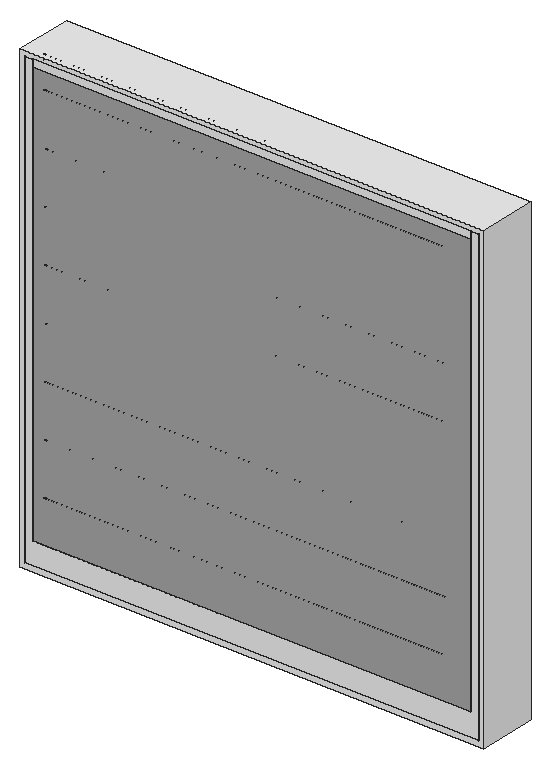
Revit family
Parameters (values of type "Louver_Drnable-Hd_EFJ-637-HP_All-Lite")
  URL = "http://www.alllite-louvers.com"
  Specifications = "http://www.alllite-louvers.com/catalog/AEFJ-637-hp-csi-specification.doc"
  Spacing = 0.458 ft
  SmartBIM Object Version = 3  # constant formula
  SmartBIM Object Created By = "Reed Construction Data"  # constant formula
  Shim Thickness = 0.042 ft
  Screen Width = Width - (2 * Shim Thickness)  # 3.916 ft
  Screen Height = Height - (2 * Shim Thickness) - 0.198333 ft  # 3.717667 ft
  Screen = Aluminum
  Rough Width = 0.0 ft
  Rough Height = 0.0 ft
  Product URL = "http://www.alllite-louvers.com/catalog.php?model=EFJ-637-HP"
  Pressure Loss (in.wg.) = "0.12"
  OmniClass Title = "Exterior Louvers and Grilles"  # constant formula
  OmniClass Code = "23-60 11 17"  # constant formula
  Model Number = "EFJ-637-HP"  # constant formula
  Model = ""
  Minimum Size = "4.5\" x 8.5\""
  Maximum Size - Single Section = "60\" x 120\" or 120\" x 60\""
  Maximum Size - Multiple Section = "Unlimited"
  Manufacturer = "All-Lite"  # constant formula
  Louver Width = Width - (2 * Shim Thickness) - 2 * 0.072917 ft  # 3.770167 ft
  Louver = Mill finish, 6063-T5 Extruded Aluminum
  Installation = "http://www.alllite-louvers.com/catalog/Installation.pdf"
  Height = 4.0 ft
  Free Area for 48”x48” Louver = "56.3%"
  Free Area Velocity (fpm) = "915"
  Free Area (ft²) for 48"x48" Louver = 9.0 ft
  Frame = Mill finish, 6063-T5 Extruded Aluminum
  Default Sill Height = 3.0 ft
  Wall Closure = (empty or 0)
  Width = 4.0 ft
  Cut Sheet = "http://www.alllite-louvers.com/catalog/AEFJ637HP.pdf  "
  Assembly Code = "B2010300"
  Air Volume Delivered (cfm) = "8,226"
  95 CSI = "10200 "  # constant formula
  04 CSI = "08 91 00"  # constant formula
  # of Louvers = (Height - 0.25 ft) / (Spacing)  # 8
Reference planes (ft)
  plane 1 "Center (Front/Back)": y = 0
  plane 2: z = 0.291667
  plane 3 "Center (Left/Right)": x = 0
  plane 4 "Left": x = -2
  plane 5 "Right": x = 2
  plane 6 "Sill": z = 3.291667
  plane 7 "Top": z = 7.291667
  plane 8: x = -1.958
  plane 9: x = 1.958
  plane 10: z = 7.249667
  plane 11: z = 3.333667
  plane 12: z = 5.291667
  plane 13: z = 3.417
  plane 14: z = 3.458667
  plane 15: z = 7.166333
  plane 16: z = 7.124667
  plane 17: z = 7.062167
Forms (ft)
  Sweep 1, solid, material "Mill finish, 6063-T5 Extruded Aluminum" <- "Frame"
    path origin (-5, 0.333333, 0) x (-1, 0, 0) y (0, 0, 1)
      loop
        line (-6.890292, 7.249667) -> (-3.109708, 7.249667)
    profile "Head Horizontal Mullion : Head Horizontal Mullion" origin (0, 0.333333, 7.249667) x (0, 0, 1) y (0, 1, 0)
      loop
        line (-0.083333, -0.00675) -> (-0.142259, -0.065676) -> (-0.137486, -0.070449) -> (-0.080537, -0.0135) -> (-0.00675, -0.0135) -> (-0.00675, -0.071625)
        arc (-0.00675, -0.071625) -> (-0.007739, -0.074011) -> (-0.010125, -0.075) r 0.003375
        line (-0.010125, -0.075) -> (-0.027583, -0.075) -> (-0.027583, -0.08175) -> (-0.307684, -0.08175) -> (-0.307684, -0.0135) -> (-0.231101, -0.0135) -> (-0.231101, -0.00675) -> (-0.314434, -0.00675) -> (-0.314434, -0.0885) -> (-0.206564, -0.0885)
        arc (-0.206564, -0.0885) -> (-0.204178, -0.089489) -> (-0.203189, -0.091875) r 0.003375
        line (-0.203189, -0.091875) -> (-0.203189, -0.104254)
        arc (-0.203189, -0.104254) -> (-0.203748, -0.106115) -> (-0.20524, -0.107359) r 0.003375
        arc (-0.20524, -0.107359) -> (-0.213421, -0.117587) -> (-0.209404, -0.130053) r 0.013833
        arc (-0.209404, -0.130053) -> (-0.205743, -0.130726) -> (-0.203689, -0.127621) r 0.003375
        arc (-0.203689, -0.127621) -> (-0.203959, -0.126299) -> (-0.204725, -0.125188) r 0.003375
        arc (-0.204725, -0.125188) -> (-0.199814, -0.113) -> (-0.194904, -0.125188) r 0.007083
        arc (-0.194904, -0.125188) -> (-0.19567, -0.126299) -> (-0.195939, -0.127621) r 0.003375
        arc (-0.195939, -0.127621) -> (-0.193886, -0.130726) -> (-0.190225, -0.130053) r 0.003375
        arc (-0.190225, -0.130053) -> (-0.186208, -0.117587) -> (-0.194388, -0.107359) r 0.013833
        arc (-0.194388, -0.107359) -> (-0.19588, -0.106115) -> (-0.196439, -0.104254) r 0.003375
        line (-0.196439, -0.104254) -> (-0.196439, -0.091875)
        arc (-0.196439, -0.091875) -> (-0.195451, -0.089489) -> (-0.193064, -0.0885) r 0.003375
        line (-0.193064, -0.0885) -> (-0.06925, -0.0885) -> (-0.06925, -0.09525) -> (-0.046442, -0.09525)
        arc (-0.046442, -0.09525) -> (-0.044055, -0.096239) -> (-0.043067, -0.098625) r 0.003375
        line (-0.043067, -0.098625) -> (-0.043067, -0.104254)
        arc (-0.043067, -0.104254) -> (-0.043626, -0.106115) -> (-0.045118, -0.107359) r 0.003375
        arc (-0.045118, -0.107359) -> (-0.053298, -0.117587) -> (-0.049281, -0.130053) r 0.013833
        arc (-0.049281, -0.130053) -> (-0.04562, -0.130726) -> (-0.043567, -0.127621) r 0.003375
        arc (-0.043567, -0.127621) -> (-0.043836, -0.126299) -> (-0.044602, -0.125188) r 0.003375
        arc (-0.044602, -0.125188) -> (-0.039692, -0.113) -> (-0.034781, -0.125188) r 0.007083
        arc (-0.034781, -0.125188) -> (-0.035547, -0.126299) -> (-0.035817, -0.127621) r 0.003375
        arc (-0.035817, -0.127621) -> (-0.033763, -0.130726) -> (-0.030102, -0.130053) r 0.003375
        arc (-0.030102, -0.130053) -> (-0.026085, -0.117587) -> (-0.034266, -0.107359) r 0.013833
        arc (-0.034266, -0.107359) -> (-0.035758, -0.106115) -> (-0.036317, -0.104254) r 0.003375
        line (-0.036317, -0.104254) -> (-0.036317, -0.098625)
        arc (-0.036317, -0.098625) -> (-0.035328, -0.096239) -> (-0.032942, -0.09525) r 0.003375
        line (-0.032942, -0.09525) -> (-0.00675, -0.09525) -> (-0.00675, -0.384167)
        arc (-0.00675, -0.384167) -> (-0.007739, -0.386553) -> (-0.010125, -0.387542) r 0.003375
        line (-0.010125, -0.387542) -> (-0.023858, -0.387542)
        arc (-0.023858, -0.387542) -> (-0.025719, -0.386983) -> (-0.026963, -0.385491) r 0.003375
        arc (-0.026963, -0.385491) -> (-0.037191, -0.37731) -> (-0.049657, -0.381327) r 0.013833
        arc (-0.049657, -0.381327) -> (-0.05033, -0.384988) -> (-0.047225, -0.387042) r 0.003375
        arc (-0.047225, -0.387042) -> (-0.045903, -0.386772) -> (-0.044793, -0.386006) r 0.003375
        arc (-0.044793, -0.386006) -> (-0.032604, -0.390917) -> (-0.044793, -0.395827) r 0.007083
        arc (-0.044793, -0.395827) -> (-0.045903, -0.395061) -> (-0.047225, -0.394792) r 0.003375
        arc (-0.047225, -0.394792) -> (-0.05033, -0.396845) -> (-0.049657, -0.400506) r 0.003375
        arc (-0.049657, -0.400506) -> (-0.037191, -0.404523) -> (-0.026963, -0.396343) r 0.013833
        arc (-0.026963, -0.396343) -> (-0.025719, -0.394851) -> (-0.023858, -0.394292) r 0.003375
        line (-0.023858, -0.394292) -> (-0.010125, -0.394292)
        arc (-0.010125, -0.394292) -> (-0.007739, -0.39528) -> (-0.00675, -0.397667) r 0.003375
        line (-0.00675, -0.397667) -> (-0.00675, -0.49325) -> (-0.0625, -0.49325) -> (-0.0625, -0.5) -> (0, -0.5) -> (0, -0.00675) -> (-0.083333, -0.00675)
  Sweep 2, solid, material "Mill finish, 6063-T5 Extruded Aluminum" <- "Frame"
    path origin (-5, 0.333333, 0) x (-1, 0, 0) y (0, 0, 1)
      loop
        line (-6.958, 3.333667) -> (-3.042, 3.333667)
    profile "Horizontal Mullion : Horizontal Mullion" origin (0, 0.333333, 3.333667) x (0, 0, 1) y (0, 1, 0)
      loop
        line (0.076583, -0.00675) -> (0.076583, -0.49325) -> (0.00675, -0.49325) -> (0.00675, -0.458333) -> (0, -0.458333) -> (0, -0.5) -> (0.197917, -0.5) -> (0.197917, -0.49325) -> (0.083333, -0.49325) -> (0.083333, 0) -> (0, 0) -> (0, -0.041667) -> (0.00675, -0.041667) -> (0.00675, -0.00675) -> (0.076583, -0.00675)
  Sweep 3, solid, material "Mill finish, 6063-T5 Extruded Aluminum" <- "Frame"
    path origin (-5, 0.333333, 0) x (-1, 0, 0) y (0, 0, 1)
      loop
        line (-6.958, 3.417) -> (-6.958, 7.249667)
    profile "Vertical Mullion : Vertical Mullion" origin (1.958, 0.333333, 5.333333) x (1, 0, 0) y (0, 1, 0)
      loop
        line (-0.067708, -0.08175) -> (-0.067708, -0.5) -> (0, -0.5) -> (0, -0.472417) -> (-0.00675, -0.472417) -> (-0.00675, -0.49325) -> (-0.060958, -0.49325) -> (-0.060958, -0.0885) -> (0, -0.0885) -> (0, 0) -> (-0.083333, 0) -> (-0.083333, -0.00675) -> (-0.067708, -0.00675) -> (-0.067708, -0.022375) -> (-0.060958, -0.022375) -> (-0.060958, -0.00675) -> (-0.00675, -0.00675) -> (-0.00675, -0.08175) -> (-0.067708, -0.08175)
  Sweep 4, solid, material "Mill finish, 6063-T5 Extruded Aluminum" <- "Frame"
    path origin (5, 0.333333, 0) x (1, 0, 0) y (0, 0, -1)
      loop
        line (-6.958, -3.417) -> (-6.958, -7.249667)
    profile "Vertical Mullion : Vertical Mullion" origin (-1.958, 0.333333, 5.333333) x (1, 0, 0) y (0, 1, 0)
      loop
        line (0.067708, -0.08175) -> (0.00675, -0.08175) -> (0.00675, -0.00675) -> (0.060958, -0.00675) -> (0.060958, -0.022375) -> (0.067708, -0.022375) -> (0.067708, -0.00675) -> (0.083333, -0.00675) -> (0.083333, 0) -> (0, 0) -> (0, -0.0885) -> (0.060958, -0.0885) -> (0.060958, -0.49325) -> (0.00675, -0.49325) -> (0.00675, -0.472417) -> (0, -0.472417) -> (0, -0.5) -> (0.067708, -0.5) -> (0.067708, -0.08175)
  Sweep 5, solid, material "Mill finish, 6063-T5 Extruded Aluminum" <- "Frame"
    path origin (-5, 0.333333, 0) x (-1, 0, 0) y (0, 0, 1)
      loop
        line (-3, 7.291667) -> (-7, 7.291667) -> (-7, 3.291667) -> (-3, 3.291667) -> (-3, 7.291667)
    profile origin (-2, 0.333333, 5.291667) x (0, 1, 0) y (-1, 0, 0)
      loop
        line (0, 0) -> (-0.5, 0) -> (-0.5, -0.042) -> (0, -0.042) -> (0, 0)
  Extrusion 6, solid, material "Aluminum" <- "Screen"
    sketch origin (1.458333, 0, 3.416667) x (0, 0, 1) y (-1, 0, 0)
      loop
        line (0.114917, -0.431958) -> (3.833, -0.431958) -> (3.833, 3.348625) -> (0.114917, 3.348625) -> (0.114917, -0.431958)
    from 0.159917 to 0.166667
Cuts and joins
  joined: Sweep 2, Sweep 3, Sweep 4
Lines and regions (ft)
  Opening 1
    outline origin (-5, -0.333333, 0) x (1, 0, 0) y (0, 0, 1)
      loop
        line (3, 7.291667) -> (3, 3.291667) -> (7, 3.291667) -> (7, 7.291667) -> (3, 7.291667)
  Masking region 1, detail levels coarse+medium
    outline origin (0, 0, 0) x (1, 0, 0) y (0, 1, 0)
      loop
        line (-2, -0.166667) -> (-1.890292, -0.166667) -> (-1.890292, 0.333333) -> (-2, 0.333333) -> (-2, -0.166667)
      loop
        line (2, -0.166667) -> (2, 0.333333) -> (1.890292, 0.333333) -> (1.890292, -0.166667) -> (2, -0.166667)
  Masking region 2, detail levels fine
    outline origin (0, 0, 0) x (1, 0, 0) y (0, 1, 0)
      loop
        line (1.897042, 0.326583) -> (1.95125, 0.326583) -> (1.95125, 0.251583) -> (1.890292, 0.251583) -> (1.890292, -0.166667) -> (1.958, -0.166667) -> (1.958, -0.139083) -> (1.95125, -0.139083) -> (1.95125, -0.159917) -> (1.897042, -0.159917) -> (1.897042, 0.244833) -> (1.958, 0.244833) -> (1.958, 0.333333) -> (1.874667, 0.333333) -> (1.874667, 0.326583) -> (1.890292, 0.326583) -> (1.890292, 0.310958) -> (1.897042, 0.310958) -> (1.897042, 0.326583)
      loop
        line (-1.95125, 0.326583) -> (-1.897042, 0.326583) -> (-1.897042, 0.310958) -> (-1.890292, 0.310958) -> (-1.890292, 0.326583) -> (-1.874667, 0.326583) -> (-1.874667, 0.333333) -> (-1.958, 0.333333) -> (-1.958, 0.244833) -> (-1.897042, 0.244833) -> (-1.897042, -0.159917) -> (-1.95125, -0.159917) -> (-1.95125, -0.139083) -> (-1.958, -0.139083) -> (-1.958, -0.166667) -> (-1.890292, -0.166667) -> (-1.890292, 0.251583) -> (-1.95125, 0.251583) -> (-1.95125, 0.326583)
  model lines
    curve 1: line (1.958, 0.244833, 3.417) -> (1.958, 0.333333, 3.417)
    curve 2: line (1.958, -0.139083, 3.417) -> (1.958, -0.166667, 3.417)
    curve 3: line (-1.958, 0.244833, 3.417) -> (-1.958, 0.333333, 3.417)
    curve 4: line (-1.958, -0.139083, 3.417) -> (-1.958, -0.166667, 3.417)
    curve 5: line (-1.874667, 0.333333, 3.417) -> (-1.958, 0.333333, 3.417)
    curve 6: line (1.874667, 0.333333, 3.417) -> (1.958, 0.333333, 3.417)
    curve 7: line (-1.890292, -0.166667, 3.531583) -> (-1.958, -0.166667, 3.531583)
    curve 8: line (1.890292, -0.166667, 3.531583) -> (1.958, -0.166667, 3.531583)
Text (ft)
  text "EXTERIOR" at (-4.890733, 4.242245, 0), in view "Ref. Level"
  text "INTERIOR" at (-4.890733, -3.147199, 0), in view "Ref. Level"
  text "Exterior" at (0, 3.638026, 10.266337), in view "Left"
  text "Exterior" at (0, 1.524487, 10.420622), in view "Right"
Dimensions and locks (ft)
  equal spacing: plane 4 "Left", plane 3 "Center (Left/Right)", plane 5 "Right"
  "Width": plane 4 "Left" to plane 5 "Right"
  "Height": plane 6 "Sill" to plane 7 "Top"
  "Default Sill Height": plane 2 to plane 6 "Sill"
  "Shim Thickness": plane 4 "Left" to plane 8
  "Shim Thickness": plane 9 to plane 5 "Right"
  "Shim Thickness": plane 10 to plane 7 "Top"
  "Shim Thickness": plane 6 "Sill" to plane 11
  equal spacing: plane 11, plane 12, plane 10
  locked: plane 13 to plane 11 at 0.083333
  locked: plane 14 to plane 13 at 0.041667
  locked: plane 10 to plane 15 at 0.083333
  locked: plane 15 to plane 16 at 0.041667
  locked: plane 10 to plane 17 at 0.1875
  equal spacing: group 1, group 3, group 4, group 5, group 6, group 7, group 8, group 2  (x3)
  aligned and locked: plane 7 "Top" to Opening 1 sketch curve
  aligned and locked: plane 6 "Sill" to Opening 1 sketch curve  (x2)
  aligned and locked: plane 5 "Right" to Opening 1 sketch curve
  aligned and locked: plane 4 "Left" to Opening 1 sketch curve
  aligned and locked: plane 10 to Sweep 1 sketch curve
  aligned and locked: Sweep 2 sketch curve to plane 11
  aligned and locked: plane 8 to Sweep 2 sketch curve
  aligned and locked: plane 9 to Sweep 3 sketch curve
  aligned and locked: Sweep 4 sketch curve to plane 8
  aligned and locked: Sweep 5 sketch curve to plane 4 "Left"
  aligned and locked: Sweep 5 sketch curve to plane 7 "Top"
  aligned and locked: Sweep 5 sketch curve to plane 6 "Sill"
  aligned and locked: Sweep 5 sketch curve to plane 5 "Right"
  aligned and locked: Sweep 5 sketch curve to host wall  (x2)
  aligned and locked: plane 8 to Sweep 5 sketch curve
  aligned and locked: plane 3 "Center (Left/Right)" to nested 1
  aligned and locked: plane 10 to Sweep 4 sketch curve
  aligned and locked: profile plane to host wall
  aligned and locked: Sweep 4 sketch curve to Sweep 2
  aligned and locked: Sweep 5 sketch curve to Sweep 2
  aligned and locked: plane 3 "Center (Left/Right)" to nested 2
  aligned and locked: Sweep 2 to Extrusion 6 sketch curve
  aligned and locked: Extrusion 6 sketch curve to Sweep 1  (x3)
  aligned and locked: Extrusion 6 to Sweep 2
  aligned and locked: Sweep 5 to Extrusion 6
  aligned and locked: plane 14 to nested 1
  aligned and locked: cut or joined group of Sweep 2, Sweep 3, Sweep 4 to Sweep 1 sketch curve
  aligned and locked: Sweep 1 sketch curve to cut or joined group of Sweep 2, Sweep 3, Sweep 4
  aligned and locked: nested 1 to cut or joined group of Sweep 2, Sweep 3, Sweep 4
  aligned and locked: nested 2 to plane 16
  aligned and locked: nested 2 to cut or joined group of Sweep 2, Sweep 3, Sweep 4
  aligned and locked: cut or joined group of Sweep 2, Sweep 3, Sweep 4 to curve 1
  aligned and locked: curve 1 to cut or joined group of Sweep 2, Sweep 3, Sweep 4  (x2)
  aligned and locked: cut or joined group of Sweep 2, Sweep 3, Sweep 4 to curve 2  (x3)
  aligned and locked: curve 3 to cut or joined group of Sweep 2, Sweep 3, Sweep 4
  aligned and locked: cut or joined group of Sweep 2, Sweep 3, Sweep 4 to curve 3
  aligned and locked: cut or joined group of Sweep 2, Sweep 3, Sweep 4 to curve 4
  aligned and locked: curve 4 to cut or joined group of Sweep 2, Sweep 3, Sweep 4
  aligned and locked: cut or joined group of Sweep 2, Sweep 3, Sweep 4 to curve 5  (x2)
  aligned and locked: curve 5 to cut or joined group of Sweep 2, Sweep 3, Sweep 4
  aligned and locked: cut or joined group of Sweep 2, Sweep 3, Sweep 4 to curve 6  (x3)
  aligned and locked: cut or joined group of Sweep 2, Sweep 3, Sweep 4 to curve 7  (x3)
  aligned and locked: curve 8 to cut or joined group of Sweep 2, Sweep 3, Sweep 4  (x3)
  aligned and locked: Masking region 1 sketch curve to plane 4 "Left"
  aligned and locked: host wall to Masking region 1 sketch curve
  aligned and locked: Masking region 1 sketch curve to Extrusion 6
  aligned and locked: Masking region 1 sketch curve to cut or joined group of Sweep 2, Sweep 3, Sweep 4  (x2)
  aligned and locked: Masking region 1 sketch curve to plane 5 "Right"
  aligned and locked: Masking region 1 sketch curve to Sweep 5
  aligned and locked: Masking region 2 sketch curve to cut or joined group of Sweep 2, Sweep 3, Sweep 4  (x28)
  aligned and locked: Sweep 5 to Masking region 2 sketch curve  (x5)
  aligned and locked: Masking region 2 sketch curve to plane 8
  aligned and locked: Masking region 2 sketch curve to Sweep 5
Automatic sketch dimensions
  Sweep 3 sketch curve to plane 10 = 0.0 ft
  Sweep 2 sketch curve to plane 9 = 0.0 ft
  Sweep 3 sketch curve to plane 13 = 0.0 ft
  curve 4 to Sweep 4 = 0.0 ft
  curve 3 to curve 3 = 0.0885 ft
  host wall to Masking region 1 sketch curve = 0.166667 ft
  Masking region 2 sketch curve to plane 9 = 0.0 ft
Nested families (ft)
  nested 1: "Louver Single" at (0, 0.166271, 3.458667), type "Louver"
  nested 2: "Louver Single" at (0, 0.166271, 6.610974), type "Louver"
  nested 3: "Louver Single" at (0, 0.166271, 3.908996), type "Louver"
  nested 4: "Louver Single" at (0, 0.166271, 4.359326), type "Louver"
  nested 5: "Louver Single" at (0, 0.166271, 4.809655), type "Louver"
  nested 6: "Louver Single" at (0, 0.166271, 5.259985), type "Louver"
  nested 7: "Louver Single" at (0, 0.166271, 5.710315), type "Louver"
  nested 8: "Louver Single" at (0, 0.166271, 6.160644), type "Louver"
Connectors (ft)
  hvac at (0, -0.166667, 5.390625), driven by "Screen Height", driven by "Screen Width"
    settings: on Extrusion 6, index 1
Definition of nested family "Louver Single"
  Parameters (values of type "Louver")
    Louver Length = 3.770833 ft
    Depth = 0.156576 ft
    Louver Single = yes
    Louver = All-Lite - El Cajon Silver
    Assembly Code = ""
  Reference planes (ft)
    plane 1 "Center (Front/Back)": y = -0.085938
    plane 2: z = 0
    plane 3 "Center (Left/Right)": x = 0
    plane 4: x = -1.885417
    plane 5: x = 1.885417
    plane 6: y = 0.160312
    plane 7: z = 0.513693
    plane 8: y = -0.326354
  Forms (ft)
    Extrusion 1, solid, material "All-Lite - El Cajon Silver" <- "Louver"
      sketch origin (0, 0, 0) x (0, 1, 0) y (0, 0, 1)
        loop
          line (0.153575, 0) -> (0.160312, 0) -> (0.160312, 0.072242) -> (-0.208558, 0.350205) -> (-0.208558, 0.365828) -> (-0.319617, 0.397674) -> (-0.319617, 0.459974) -> (-0.326354, 0.459974) -> (-0.326354, 0.392597) -> (-0.228621, 0.364572) -> (-0.233003, 0.36019)
          arc (-0.233003, 0.36019) -> (-0.231622, 0.357657) -> (-0.232617, 0.354949) r 0.003493
          arc (-0.232617, 0.354949) -> (-0.23514, 0.351309) -> (-0.236287, 0.347031) r 0.012936
          arc (-0.236287, 0.347031) -> (-0.233356, 0.34352) -> (-0.229845, 0.34645) r 0.003234
          arc (-0.229845, 0.34645) -> (-0.21951, 0.351035) -> (-0.221069, 0.339837) r 0.006468
          arc (-0.221069, 0.339837) -> (-0.222918, 0.335654) -> (-0.218735, 0.333805) r 0.003234
          arc (-0.218735, 0.333805) -> (-0.214939, 0.336087) -> (-0.212135, 0.339515) r 0.012936
          arc (-0.212135, 0.339515) -> (-0.209807, 0.341218) -> (-0.206991, 0.340589) r 0.003493
          line (-0.206991, 0.340589) -> (-0.104863, 0.263629)
          arc (-0.104863, 0.263629) -> (-0.101383, 0.257249) -> (-0.103891, 0.250428) r 0.008798
          arc (-0.103891, 0.250428) -> (-0.110245, 0.241259) -> (-0.113134, 0.230484) r 0.032585
          arc (-0.113134, 0.230484) -> (-0.106835, 0.221811) -> (-0.097394, 0.226889) r 0.008146
          arc (-0.097394, 0.226889) -> (-0.076638, 0.232923) -> (-0.076717, 0.211307) r 0.013496
          arc (-0.076717, 0.211307) -> (-0.078996, 0.200833) -> (-0.068922, 0.197168) r 0.008146
          arc (-0.068922, 0.197168) -> (-0.059361, 0.202915) -> (-0.052299, 0.211551) r 0.032585
          arc (-0.052299, 0.211551) -> (-0.046433, 0.215841) -> (-0.039341, 0.214255) r 0.008798
          line (-0.039341, 0.214255) -> (0.041772, 0.153132)
          arc (0.041772, 0.153132) -> (0.043154, 0.150599) -> (0.042158, 0.147891) r 0.003493
          arc (0.042158, 0.147891) -> (0.039636, 0.144251) -> (0.038489, 0.139973) r 0.012936
          arc (0.038489, 0.139973) -> (0.041419, 0.136462) -> (0.044931, 0.139392) r 0.003234
          arc (0.044931, 0.139392) -> (0.055265, 0.143977) -> (0.053706, 0.132779) r 0.006468
          arc (0.053706, 0.132779) -> (0.051857, 0.128596) -> (0.05604, 0.126747) r 0.003234
          arc (0.05604, 0.126747) -> (0.059836, 0.129029) -> (0.06264, 0.132457) r 0.012936
          arc (0.06264, 0.132457) -> (0.064969, 0.13416) -> (0.067784, 0.133531) r 0.003493
          line (0.067784, 0.133531) -> (0.153575, 0.068883) -> (0.153575, 0)
      from -1.885417 to 1.885417
  Dimensions and locks (ft)
    equal spacing: plane 4, plane 3 "Center (Left/Right)", plane 5
    "Louver Length": plane 4 to plane 5
    aligned and locked: Extrusion 1 to plane 4
    aligned and locked: plane 5 to Extrusion 1
  Automatic sketch dimensions
    Extrusion 1 sketch curve to Extrusion 1 sketch curve = 0.0 ft  (x31)
    Extrusion 1 sketch curve to plane 6 = 0.0 ft
    Extrusion 1 sketch curve to Extrusion 1 sketch curve = 0.006737 ft
    Extrusion 1 sketch curve to Extrusion 1 sketch curve = 0.001182 ft  (x2)
    Extrusion 1 sketch curve to Extrusion 1 sketch curve = 0.003221 ft  (x2)
    Extrusion 1 sketch curve to Extrusion 1 sketch curve = 0.002102 ft  (x4)
    Extrusion 1 sketch curve to Extrusion 1 sketch curve = 0.002488 ft  (x2)
    Extrusion 1 sketch curve to Extrusion 1 sketch curve = 0.004382 ft  (x2)
    Extrusion 1 sketch curve to Extrusion 1 sketch curve = 0.006442 ft  (x2)
    Extrusion 1 sketch curve to Extrusion 1 sketch curve = 0.002334 ft  (x2)
    Extrusion 1 sketch curve to Extrusion 1 sketch curve = 0.001167 ft  (x2)
    Extrusion 1 sketch curve to Extrusion 1 sketch curve = 0.007767 ft  (x2)
    Extrusion 1 sketch curve to Extrusion 1 sketch curve = 0.003042 ft  (x2)
    Extrusion 1 sketch curve to Extrusion 1 sketch curve = 0.003577 ft
    plane 1 "Center (Front/Back)" to Extrusion 1 sketch curve = 0.027196 ft
    plane 1 "Center (Front/Back)" to Extrusion 1 sketch curve = 0.02422 ft
    Extrusion 1 sketch curve to Extrusion 1 sketch curve = 0.008113 ft
    Extrusion 1 sketch curve to Extrusion 1 sketch curve = 0.005295 ft  (x2)
    Extrusion 1 sketch curve to Extrusion 1 sketch curve = 0.006267 ft
    Extrusion 1 sketch curve to Extrusion 1 sketch curve = 0.007626 ft
    Extrusion 1 sketch curve to plane 1 "Center (Front/Back)" = 0.001178 ft
    Extrusion 1 sketch curve to plane 1 "Center (Front/Back)" = 0.005256 ft
    Extrusion 1 sketch curve to plane 1 "Center (Front/Back)" = 0.009221 ft
    Extrusion 1 sketch curve to Extrusion 1 sketch curve = 0.004855 ft
    Extrusion 1 sketch curve to Extrusion 1 sketch curve = 0.00294 ft
    Extrusion 1 sketch curve to Extrusion 1 sketch curve = 0.019563 ft
    Extrusion 1 sketch curve to Extrusion 1 sketch curve = 0.007663 ft
    Extrusion 1 sketch curve to Extrusion 1 sketch curve = 0.083124 ft
    Extrusion 1 sketch curve to plane 6 = 0.006737 ft
    Extrusion 1 sketch curve to level = 0.0 ft
    level to Extrusion 1 sketch curve = 0.068883 ft
    Extrusion 1 sketch curve to Extrusion 1 sketch curve = 0.003359 ft
    level to Extrusion 1 sketch curve = 0.126747 ft
    Extrusion 1 sketch curve to Extrusion 1 sketch curve = 0.003016 ft  (x2)
    Extrusion 1 sketch curve to Extrusion 1 sketch curve = 0.046826 ft
    Extrusion 1 sketch curve to Extrusion 1 sketch curve = 0.077202 ft
    Extrusion 1 sketch curve to Extrusion 1 sketch curve = 0.009617 ft
    Extrusion 1 sketch curve to Extrusion 1 sketch curve = 0.015623 ft
    Extrusion 1 sketch curve to Extrusion 1 sketch curve = 0.035196 ft
    Extrusion 1 sketch curve to Extrusion 1 sketch curve = 0.005077 ft
    Extrusion 1 sketch curve to Extrusion 1 sketch curve = 0.0623 ft
    Extrusion 1 sketch curve to plane 8 = 0.0 ft
    Extrusion 1 sketch curve to plane 8 = 0.090068 ft
